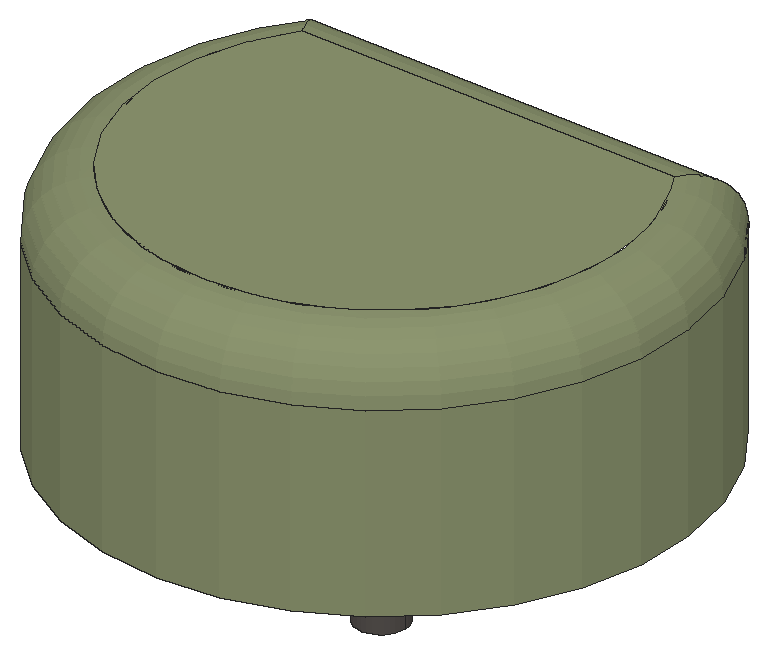
Revit family "FU_Modular_Sandler_Flow 06059", category Furniture, Revit 2022
Family settings
  OmniClass Number = 23.40.20.00
  OmniClass Title = General Furniture and Specialties
  Work Plane-Based = No
  Always vertical = Yes
  Cut with Voids When Loaded = No
  Render Appearance Source = Family Geometry
  Shared = No
  Room Calculation Point = No
Parameters (values of type "Flow 06059")
  Width = 940 mm
  URL = "https://www.sandlerseating.com/product/flow-06059/"
  Shell [instance] = Fabric - X2 - Algebra AK005
  Model = "Flow 06059"
  Manufacturer = "Sandler"
  Height = 450 mm
  Description = "Round seat in the Flow modular series with an irregular circular shape. No backrest, webbed seat."
  Depth = 780 mm
  Default Elevation = 0 mm
Reference planes
  plane 1 "Center (Front/Back)": y = 0
  plane 2: z = 0
  plane 3 "Center (Left/Right)": x = 0
  plane 4 "Right": x = -470
  plane 5 "Left": x = 470
  plane 6 "Back": y = 390
  plane 7 "Front": y = -390
  plane 8 "Height": z = 450
  plane 9 "Seat Base": z = 50
Forms (mm)
  Extrusion 1, solid, material "Fabric - X2 - Algebra AK005" <- "Shell"
    sketch origin (0, 0, 0) x (1, 0, 0) y (0, 1, 0)
      loop
        arc (-353.27, 390) -> (0, -390) -> (353.27, 390) r 470
        line (353.27, 390) -> (-353.27, 390)
    from 50 to 450
  Extrusion 2, solid, material "Oak - Wenge"
    sketch origin (0, 0, 0) x (1, 0, 0) y (0, 1, 0)
      loop
        circle (-239.354, -225.031) r 40
      loop
        circle (-311.17, 296.832) r 40
      loop
        circle (239.354, -225.031) r 40
      loop
        circle (311.17, 296.832) r 40
    from 0 to 50
  Sweep 3, void
    path in 3D
      loop
        arc (-353.27, 390, 450) -> (0, -390, 450) -> (353.27, 390, 450) r 470
        line (353.27, 390, 450) -> (-353.27, 390, 450)
    profile "Pro_edgeCut_95mm : Pro_edgeCut_95mm" origin (0, 390, 450) x (0, -1, 0) y (0, 0, 1)
      loop
        line (95, 0) -> (95, 48) -> (-48, 48) -> (-48, -95) -> (0, -95)
        arc (0, -95) -> (27.825, -27.825) -> (95, 0) r 95
Cuts and joins
  Sweep 3 cuts Extrusion 1
Lines and regions (mm)
  sketch lines
    curve 1: line (353.27, 390, 450) -> (-353.27, 390, 450)
    curve 2: arc (353.27, 390, 450) -> (0, -390, 450) -> (-353.27, 390, 450) r 470
Dimensions and locks
  equal spacing: plane 6 "Back", plane 1 "Center (Front/Back)", plane 7 "Front"
  "Depth": plane 6 "Back" to plane 7 "Front"
  equal spacing: plane 4 "Right", plane 3 "Center (Left/Right)", plane 5 "Left"
  "Width": plane 4 "Right" to plane 5 "Left"
  "Height": plane 8 "Height" to level
  aligned and locked: level to plane 2
Automatic sketch dimensions
  Extrusion 1 sketch curve to plane 3 "Center (Left/Right)" = 0 mm
  Extrusion 1 sketch curve to plane 1 "Center (Front/Back)" = 80 mm
  Extrusion 1 sketch curve to plane 5 "Left" = 116.73 mm
  Extrusion 1 sketch curve to plane 6 "Back" = 0 mm
  plane 4 "Right" to Extrusion 2 sketch curve = 158.83 mm
  plane 4 "Right" to Extrusion 2 sketch curve = 230.646 mm
  Extrusion 2 sketch curve to plane 5 "Left" = 230.646 mm
  Extrusion 2 sketch curve to plane 5 "Left" = 158.83 mm
  plane 7 "Front" to Extrusion 2 sketch curve = 164.969 mm  (x2)
  Extrusion 2 sketch curve to plane 6 "Back" = 93.168 mm  (x2)
  radius of Extrusion 2 sketch curve = 40 mm  (x4)
